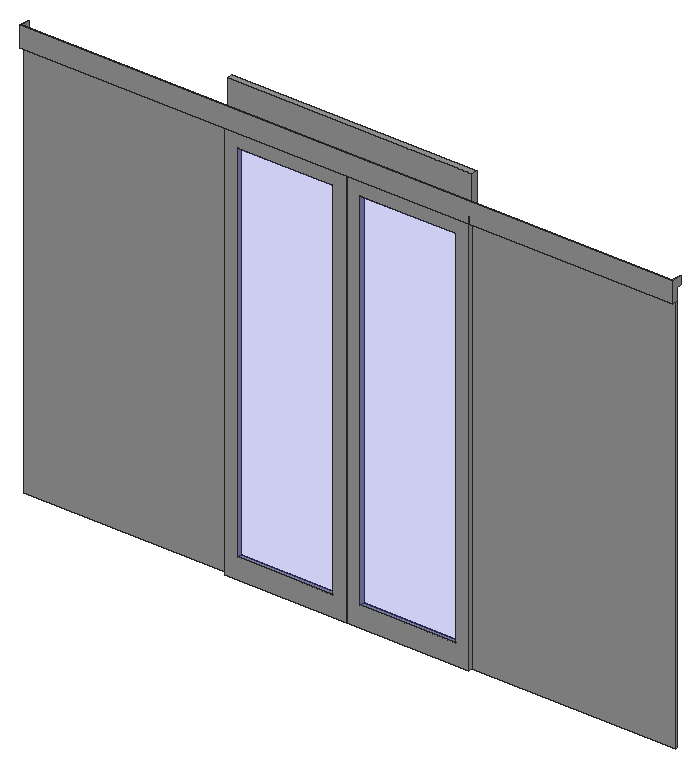
Revit family "ITK by ZPAS_Комплект дверей раздвижных_42U-47U_IP20", category Обобщенные модели, Revit 2019
Family settings
  Может служить основой для арматурных стержней = Нет
  Размер круглого соединителя = Использовать диаметр
  Тип детали = Нормальный
  На основе рабочей плоскости = Нет
  Всегда вертикально = Да
  При загрузке вырезать с полостями = Нет
  Общий = Нет
  Точка расчета площади = Нет
Parameters (values of type "В2000хГ1000_Серый_DL")
  Ширина = 1200 mm  # constant formula
  Степень защиты = "IP20"  # constant formula
  Материал = Окраска - RAL 7035
  Изготовитель = "ITK"  # constant formula
  Дата изменения = ""
  Глубина = 1000 mm
  Высота = 2000 mm
  URL = "https://www.iek.ru/"
  KSI_CPr_Строительные изделия = "61.1.04.08"  # constant formula
  KSI_CMa_Строительные материалы = "10.3.02.06"  # constant formula
  IEK_Цена за единицу = 376451.78
  IEK_Поиск в таблице имен = ""
  IEK_Описание = "Раздвижные двери холодного коридора: - стеклянные раздвижные двери с ручным приводом без замка; - раздвигаются на полную ширину коридора; - в комплекте с фальшпанелью крыши коридора и боковыми панелями шкафов."
  IEK_URL = "https://www.itk-group.ru/produktsiya/catalog/oborudovanie_telekommunikatsionnoe/kompleksnye_resheniya_dlya_tsod/shkafy_i_aksessuary_dlya_tsod/komplektuyushchie_i_aksessuary_dlya_shkafov_itk_by_zpas/dveri_kryshi_dlya_koridorov_itk_by_zpas/itk_by_zpas_komplekt_dverey_razdvizhnykh_kholodnogo_koridora_42u_1000mm_s_dovodchikom_na_nozhkakh_seryy"
  ADSK_Примечание = ""
  ADSK_Позиция [instance] = ""
  ADSK_Наименование = "ITK by ZPAS Компл. дв. раздв. 42U 1000 доводчик ножки серый"
  ADSK_Материал обозначение = ""
  ADSK_Материал наименование = "Листовая сталь"  # constant formula
  ADSK_Масса = 100
  ADSK_Марка = "by ZPAS "  # constant formula
  ADSK_Код изделия = "ZP-FD35-42U-1000-DL"
  ADSK_Завод-изготовитель = "IEK"  # constant formula
  ADSK_Единица измерения = "шт"  # constant formula
  ADSK_Группирование = "I. ЩИТЫ И ПУЛЬТЫ"  # constant formula
  ADSK_Версия семейства = "1.0"  # constant formula
  ADSK_Версия Revit = "2019"  # constant formula
  ADSK_URL страницы изделия = "https://www.itk-group.ru/produktsiya/catalog/oborudovanie_telekommunikatsionnoe/kompleksnye_resheniya_dlya_tsod/shkafy_i_aksessuary_dlya_tsod/komplektuyushchie_i_aksessuary_dlya_shkafov_itk_by_zpas/dveri_kryshi_dlya_koridorov_itk_by_zpas/?class_id=340&pagec=100"
Types (48, lengths in mm): name | Материал | Глубина | Высота | IEK_Цена за единицу | IEK_URL | ADSK_Наименование | ADSK_Масса | ADSK_Код изделия
  В2000хГ1000_Черный | Окраска - RAL 9005 | 1000 | 2000 | 279766.61 | "https://www.itk-group.ru/produktsiya/catalog/oborudovanie_telekommunikatsionnoe/kompleksnye_resheniya_dlya_tsod/shkafy_i_aksessuary_dlya_tsod/komplektuyushchie_i_aksessuary_dlya_shkafov_itk_by_zpas/dveri_kryshi_dlya_koridorov_itk_by_zpas/itk_by_zpas_komplekt_dverey_razdvizhnykh_kholodnogo_koridora_42u_1000mm_chernyy" | "ITK by ZPAS Компл. дв. раздв. 42U 1000 черный" | 100 | "ZP-FD05-42U-1000"
  В2000хГ1000_Черный_D | Окраска - RAL 9005 | 1000 | 2000 | 374383.84 | "https://www.itk-group.ru/produktsiya/catalog/oborudovanie_telekommunikatsionnoe/kompleksnye_resheniya_dlya_tsod/shkafy_i_aksessuary_dlya_tsod/komplektuyushchie_i_aksessuary_dlya_shkafov_itk_by_zpas/dveri_kryshi_dlya_koridorov_itk_by_zpas/itk_by_zpas_komplekt_dverey_razdvizhnykh_kholodnogo_koridora_42u_1000mm_s_dovodchikom_chernyy" | "ITK by ZPAS Компл. дв. раздв. 42U 1000 доводчик черный" | 100 | "ZP-FD05-42U-1000-D"
  В2000хГ1000_Черный_DL | Окраска - RAL 9005 | 1000 | 2000 | 377794.54 | "https://www.itk-group.ru/produktsiya/catalog/oborudovanie_telekommunikatsionnoe/kompleksnye_resheniya_dlya_tsod/shkafy_i_aksessuary_dlya_tsod/komplektuyushchie_i_aksessuary_dlya_shkafov_itk_by_zpas/dveri_kryshi_dlya_koridorov_itk_by_zpas/itk_by_zpas_komplekt_dverey_razdvizhnykh_kholodnogo_koridora_42u_1000mm_s_dovodchikom_na_nozhkakh_chernyy" | "ITK by ZPAS Компл. дв. раздв. 42U 1000 доводчик ножки черный" | 100 | "ZP-FD05-42U-1000-DL"
  В2000хГ1000_Черный_L | Окраска - RAL 9005 | 1000 | 2000 | 281817.61 | "https://www.itk-group.ru/produktsiya/catalog/oborudovanie_telekommunikatsionnoe/kompleksnye_resheniya_dlya_tsod/shkafy_i_aksessuary_dlya_tsod/komplektuyushchie_i_aksessuary_dlya_shkafov_itk_by_zpas/dveri_kryshi_dlya_koridorov_itk_by_zpas/itk_by_zpas_komplekt_dverey_razdvizhnykh_kholodnogo_koridora_42u_1000mm_na_nozhkakh_chernyy" | "ITK by ZPAS Компл. дв. раздв. 42U 1000 ножки черный" | 100 | "ZP-FD05-42U-1000-L"
  В2000хГ1200_Черный | Окраска - RAL 9005 | 1200 | 2000 | 283885.56 | "https://www.itk-group.ru/produktsiya/catalog/oborudovanie_telekommunikatsionnoe/kompleksnye_resheniya_dlya_tsod/shkafy_i_aksessuary_dlya_tsod/komplektuyushchie_i_aksessuary_dlya_shkafov_itk_by_zpas/dveri_kryshi_dlya_koridorov_itk_by_zpas/itk_by_zpas_komplekt_dverey_razdvizhnykh_kholodnogo_koridora_42u_1200mm_chernyy" | "ITK by ZPAS Компл. дв. раздв. 42U 1200 черный" | 100 | "ZP-FD05-42U-1200"
  В2000хГ1200_Черный_D | Окраска - RAL 9005 | 1200 | 2000 | 378502.78 | "https://www.itk-group.ru/produktsiya/catalog/oborudovanie_telekommunikatsionnoe/kompleksnye_resheniya_dlya_tsod/shkafy_i_aksessuary_dlya_tsod/komplektuyushchie_i_aksessuary_dlya_shkafov_itk_by_zpas/dveri_kryshi_dlya_koridorov_itk_by_zpas/itk_by_zpas_komplekt_dverey_razdvizhnykh_kholodnogo_koridora_42u_1200mm_s_dovodchikom_chernyy" | "ITK by ZPAS Компл. дв. раздв. 42U 1200 доводчик черный" | 100 | "ZP-FD05-42U-1200-D"
  В2000хГ1200_Черный_DL | Окраска - RAL 9005 | 1200 | 2000 | 385229.32 | "https://www.itk-group.ru/produktsiya/catalog/oborudovanie_telekommunikatsionnoe/kompleksnye_resheniya_dlya_tsod/shkafy_i_aksessuary_dlya_tsod/komplektuyushchie_i_aksessuary_dlya_shkafov_itk_by_zpas/dveri_kryshi_dlya_koridorov_itk_by_zpas/itk_by_zpas_komplekt_dverey_razdvizhnykh_kholodnogo_koridora_42u_1200mm_s_dovodchikom_na_nozhkakh_chernyy" | "ITK by ZPAS Компл. дв. раздв. 42U 1200 доводчик ножки черный" | 100 | "ZP-FD05-42U-1200-DL"
  В2000хГ1200_Черный_L | Окраска - RAL 9005 | 1200 | 2000 | 285936.56 | "https://www.itk-group.ru/produktsiya/catalog/oborudovanie_telekommunikatsionnoe/kompleksnye_resheniya_dlya_tsod/shkafy_i_aksessuary_dlya_tsod/komplektuyushchie_i_aksessuary_dlya_shkafov_itk_by_zpas/dveri_kryshi_dlya_koridorov_itk_by_zpas/itk_by_zpas_komplekt_dverey_razdvizhnykh_kholodnogo_koridora_42u_1200mm_na_nozhkakh_chernyy" | "ITK by ZPAS Компл. дв. раздв. 42U 1200 ножки черный" | 100 | "ZP-FD05-42U-1200-L"
  В2120хГ1000_Черный | Окраска - RAL 9005 | 1000 | 2120 | 285936.56 | "https://www.itk-group.ru/produktsiya/catalog/oborudovanie_telekommunikatsionnoe/kompleksnye_resheniya_dlya_tsod/shkafy_i_aksessuary_dlya_tsod/komplektuyushchie_i_aksessuary_dlya_shkafov_itk_by_zpas/dveri_kryshi_dlya_koridorov_itk_by_zpas/itk_by_zpas_komplekt_dverey_razdvizhnykh_kholodnogo_koridora_45u_1000mm_chernyy" | "ITK by ZPAS Компл. дв. раздв. 45U 1000 черный" | 105 | "ZP-FD05-45U-1000"
  В2120хГ1000_Черный_D | Окраска - RAL 9005 | 1000 | 2120 | 382621.73 | "https://www.itk-group.ru/produktsiya/catalog/oborudovanie_telekommunikatsionnoe/kompleksnye_resheniya_dlya_tsod/shkafy_i_aksessuary_dlya_tsod/komplektuyushchie_i_aksessuary_dlya_shkafov_itk_by_zpas/dveri_kryshi_dlya_koridorov_itk_by_zpas/itk_by_zpas_komplekt_dverey_razdvizhnykh_kholodnogo_koridora_45u_1000mm_s_dovodchikom_chernyy" | "ITK by ZPAS Компл. дв. раздв. 45U 1000 доводчик черный" | 105 | "ZP-FD05-45U-1000-D"
  В2120хГ1000_Черный_DL | Окраска - RAL 9005 | 1000 | 2120 | 384672.73 | "https://www.itk-group.ru/produktsiya/catalog/oborudovanie_telekommunikatsionnoe/kompleksnye_resheniya_dlya_tsod/shkafy_i_aksessuary_dlya_tsod/komplektuyushchie_i_aksessuary_dlya_shkafov_itk_by_zpas/dveri_kryshi_dlya_koridorov_itk_by_zpas/itk_by_zpas_komplekt_dverey_razdvizhnykh_kholodnogo_koridora_45u_1000mm_s_dovodchikom_na_nozhkakh_chernyy" | "ITK by ZPAS Компл. дв. раздв. 45U 1000 доводчик ножки черный" | 105 | "ZP-FD05-45U-1000-DL"
  В2120хГ1000_Черный_L | Окраска - RAL 9005 | 1000 | 2120 | 287987.56 | "https://www.itk-group.ru/produktsiya/catalog/oborudovanie_telekommunikatsionnoe/kompleksnye_resheniya_dlya_tsod/shkafy_i_aksessuary_dlya_tsod/komplektuyushchie_i_aksessuary_dlya_shkafov_itk_by_zpas/dveri_kryshi_dlya_koridorov_itk_by_zpas/itk_by_zpas_komplekt_dverey_razdvizhnykh_kholodnogo_koridora_45u_1000mm_na_nozhkakh_chernyy" | "ITK by ZPAS Компл. дв. раздв. 45U 1000 ножки черный" | 105 | "ZP-FD05-45U-1000-L"
  В2120хГ1200_Черный | Окраска - RAL 9005 | 1200 | 2120 | 292106.51 | "https://www.itk-group.ru/produktsiya/catalog/oborudovanie_telekommunikatsionnoe/kompleksnye_resheniya_dlya_tsod/shkafy_i_aksessuary_dlya_tsod/komplektuyushchie_i_aksessuary_dlya_shkafov_itk_by_zpas/dveri_kryshi_dlya_koridorov_itk_by_zpas/itk_by_zpas_komplekt_dverey_razdvizhnykh_kholodnogo_koridora_45u_1200mm_chernyy" | "ITK by ZPAS Компл. дв. раздв. 45U 1200 черный" | 105 | "ZP-FD05-45U-1200"
  В2120хГ1200_Черный_D | Окраска - RAL 9005 | 1200 | 2120 | 388791.68 | "https://www.itk-group.ru/produktsiya/catalog/oborudovanie_telekommunikatsionnoe/kompleksnye_resheniya_dlya_tsod/shkafy_i_aksessuary_dlya_tsod/komplektuyushchie_i_aksessuary_dlya_shkafov_itk_by_zpas/dveri_kryshi_dlya_koridorov_itk_by_zpas/itk_by_zpas_komplekt_dverey_razdvizhnykh_kholodnogo_koridora_45u_1200mm_s_dovodchikom_chernyy" | "ITK by ZPAS Компл. дв. раздв. 45U 1200 доводчик черный" | 105 | "ZP-FD05-45U-1200-D"
  В2120хГ1200_Черный_DL | Окраска - RAL 7035 | 1200 | 2120 | 396997.69 | "https://www.itk-group.ru/produktsiya/catalog/oborudovanie_telekommunikatsionnoe/kompleksnye_resheniya_dlya_tsod/shkafy_i_aksessuary_dlya_tsod/komplektuyushchie_i_aksessuary_dlya_shkafov_itk_by_zpas/dveri_kryshi_dlya_koridorov_itk_by_zpas/itk_by_zpas_komplekt_dverey_razdvizhnykh_kholodnogo_koridora_45u_1200mm_s_dovodchikom_na_nozhkakh_chernyy" | "ITK by ZPAS Компл. дв. раздв. 45U 1200 доводчик ножки черный" | 105 | "ZP-FD05-45U-1200-DL"
  В2120хГ1200_Черный_L | Окраска - RAL 9005 | 1200 | 2120 | 294157.51 | "https://www.itk-group.ru/produktsiya/catalog/oborudovanie_telekommunikatsionnoe/kompleksnye_resheniya_dlya_tsod/shkafy_i_aksessuary_dlya_tsod/komplektuyushchie_i_aksessuary_dlya_shkafov_itk_by_zpas/dveri_kryshi_dlya_koridorov_itk_by_zpas/itk_by_zpas_komplekt_dverey_razdvizhnykh_kholodnogo_koridora_45u_1200mm_na_nozhkakh_chernyy" | "ITK by ZPAS Компл. дв. раздв. 45U 1200 ножки черный" | 105 | "ZP-FD05-45U-1200-L"
  В2200хГ1000_Черный | Окраска - RAL 9005 | 1000 | 2200 | 292106.51 | "https://www.itk-group.ru/produktsiya/catalog/oborudovanie_telekommunikatsionnoe/kompleksnye_resheniya_dlya_tsod/shkafy_i_aksessuary_dlya_tsod/komplektuyushchie_i_aksessuary_dlya_shkafov_itk_by_zpas/dveri_kryshi_dlya_koridorov_itk_by_zpas/itk_by_zpas_komplekt_dverey_razdvizhnykh_kholodnogo_koridora_47u_1000mm_chernyy" | "ITK by ZPAS Компл. дв. раздв. 47U 1000 черный" | 110 | "ZP-FD05-47U-1000"
  В2200хГ1000_Черный_D | Окраска - RAL 9005 | 1000 | 2200 | 390842.68 | "https://www.itk-group.ru/produktsiya/catalog/oborudovanie_telekommunikatsionnoe/kompleksnye_resheniya_dlya_tsod/shkafy_i_aksessuary_dlya_tsod/komplektuyushchie_i_aksessuary_dlya_shkafov_itk_by_zpas/dveri_kryshi_dlya_koridorov_itk_by_zpas/itk_by_zpas_komplekt_dverey_razdvizhnykh_kholodnogo_koridora_47u_1000mm_s_dovodchikom_chernyy" | "ITK by ZPAS Компл. дв. раздв. 47U 1000 доводчик черный" | 110 | "ZP-FD05-47U-1000-D"
  В2200хГ1000_Черный_DL | Окраска - RAL 9005 | 1000 | 2200 | 392910.64 | "https://www.itk-group.ru/produktsiya/catalog/oborudovanie_telekommunikatsionnoe/kompleksnye_resheniya_dlya_tsod/shkafy_i_aksessuary_dlya_tsod/komplektuyushchie_i_aksessuary_dlya_shkafov_itk_by_zpas/dveri_kryshi_dlya_koridorov_itk_by_zpas/itk_by_zpas_komplekt_dverey_razdvizhnykh_kholodnogo_koridora_47u_1000mm_s_dovodchikom_na_nozhkakh_chernyy" | "ITK by ZPAS Компл. дв. раздв. 47U 1000 доводчик ножки черный" | 110 | "ZP-FD05-47U-1000-DL"
  В2200хГ1000_Черный_L | Окраска - RAL 9005 | 1000 | 2200 | 294157.51 | "https://www.itk-group.ru/produktsiya/catalog/oborudovanie_telekommunikatsionnoe/kompleksnye_resheniya_dlya_tsod/shkafy_i_aksessuary_dlya_tsod/komplektuyushchie_i_aksessuary_dlya_shkafov_itk_by_zpas/dveri_kryshi_dlya_koridorov_itk_by_zpas/itk_by_zpas_komplekt_dverey_razdvizhnykh_kholodnogo_koridora_47u_1000mm_na_nozhkakh_chernyy" | "ITK by ZPAS Компл. дв. раздв. 47U 1000 ножки черный" | 110 | "ZP-FD05-47U-1000-L"
  В2200хГ1200_Черный | Окраска - RAL 9005 | 1200 | 2200 | 298276.46 | "https://www.itk-group.ru/produktsiya/catalog/oborudovanie_telekommunikatsionnoe/kompleksnye_resheniya_dlya_tsod/shkafy_i_aksessuary_dlya_tsod/komplektuyushchie_i_aksessuary_dlya_shkafov_itk_by_zpas/dveri_kryshi_dlya_koridorov_itk_by_zpas/itk_by_zpas_komplekt_dverey_razdvizhnykh_kholodnogo_koridora_47u_1200mm_chernyy" | "ITK by ZPAS Компл. дв. раздв. 47U 1200 черный" | 110 | "ZP-FD05-47U-1200"
  В2200хГ1200_Черный_D | Окраска - RAL 9005 | 1200 | 2200 | 397012.64 | "https://www.itk-group.ru/produktsiya/catalog/oborudovanie_telekommunikatsionnoe/kompleksnye_resheniya_dlya_tsod/shkafy_i_aksessuary_dlya_tsod/komplektuyushchie_i_aksessuary_dlya_shkafov_itk_by_zpas/dveri_kryshi_dlya_koridorov_itk_by_zpas/itk_by_zpas_komplekt_dverey_razdvizhnykh_kholodnogo_koridora_47u_1200mm_s_dovodchikom_chernyy" | "ITK by ZPAS Компл. дв. раздв. 47U 1200 доводчик черный" | 110 | "ZP-FD05-47U-1200-D"
  В2200хГ1200_Черный_DL | Окраска - RAL 9005 | 1200 | 2200 | 405365.32 | "https://www.itk-group.ru/produktsiya/catalog/oborudovanie_telekommunikatsionnoe/kompleksnye_resheniya_dlya_tsod/shkafy_i_aksessuary_dlya_tsod/komplektuyushchie_i_aksessuary_dlya_shkafov_itk_by_zpas/dveri_kryshi_dlya_koridorov_itk_by_zpas/itk_by_zpas_komplekt_dverey_razdvizhnykh_kholodnogo_koridora_47u_1200mm_s_dovodchikom_na_nozhkakh_chernyy" | "ITK by ZPAS Компл. дв. раздв. 47U 1200 доводчик ножки черный" | 110 | "ZP-FD05-47U-1200-DL"
  В2200хГ1200_Черный_L | Окраска - RAL 9005 | 1200 | 2200 | 300327.47 | "https://www.itk-group.ru/produktsiya/catalog/oborudovanie_telekommunikatsionnoe/kompleksnye_resheniya_dlya_tsod/shkafy_i_aksessuary_dlya_tsod/komplektuyushchie_i_aksessuary_dlya_shkafov_itk_by_zpas/dveri_kryshi_dlya_koridorov_itk_by_zpas/itk_by_zpas_komplekt_dverey_razdvizhnykh_kholodnogo_koridora_47u_1200mm_na_nozhkakh_chernyy" | "ITK by ZPAS Компл. дв. раздв. 47U 1200 ножки черный" | 110 | "ZP-FD05-47U-1200-L"
  В2000хГ1000_Серый | Окраска - RAL 7035 | 1000 | 2000 | 279766.61 | "https://www.itk-group.ru/produktsiya/catalog/oborudovanie_telekommunikatsionnoe/kompleksnye_resheniya_dlya_tsod/shkafy_i_aksessuary_dlya_tsod/komplektuyushchie_i_aksessuary_dlya_shkafov_itk_by_zpas/dveri_kryshi_dlya_koridorov_itk_by_zpas/itk_by_zpas_komplekt_dverey_razdvizhnykh_kholodnogo_koridora_42u_1000mm_seryy" | "ITK by ZPAS Компл. дв. раздв. 42U 1000 серый" | 100 | "ZP-FD35-42U-1000"
  В2000хГ1000_Серый_D | Окраска - RAL 7035 | 1000 | 2000 | 374383.84 | "https://www.itk-group.ru/produktsiya/catalog/oborudovanie_telekommunikatsionnoe/kompleksnye_resheniya_dlya_tsod/shkafy_i_aksessuary_dlya_tsod/komplektuyushchie_i_aksessuary_dlya_shkafov_itk_by_zpas/dveri_kryshi_dlya_koridorov_itk_by_zpas/itk_by_zpas_komplekt_dverey_razdvizhnykh_kholodnogo_koridora_42u_1000mm_s_dovodchikom_seryy" | "ITK by ZPAS Компл. дв. раздв. 42U 1000 доводчик серый" | 100 | "ZP-FD35-42U-1000-D"
  В2000хГ1000_Серый_DL | Окраска - RAL 7035 | 1000 | 2000 | 376451.78 | "https://www.itk-group.ru/produktsiya/catalog/oborudovanie_telekommunikatsionnoe/kompleksnye_resheniya_dlya_tsod/shkafy_i_aksessuary_dlya_tsod/komplektuyushchie_i_aksessuary_dlya_shkafov_itk_by_zpas/dveri_kryshi_dlya_koridorov_itk_by_zpas/itk_by_zpas_komplekt_dverey_razdvizhnykh_kholodnogo_koridora_42u_1000mm_s_dovodchikom_na_nozhkakh_seryy" | "ITK by ZPAS Компл. дв. раздв. 42U 1000 доводчик ножки серый" | 100 | "ZP-FD35-42U-1000-DL"
  В2000хГ1000_Серый_L | Окраска - RAL 7035 | 1000 | 2000 | 281817.61 | "https://www.itk-group.ru/produktsiya/catalog/oborudovanie_telekommunikatsionnoe/kompleksnye_resheniya_dlya_tsod/shkafy_i_aksessuary_dlya_tsod/komplektuyushchie_i_aksessuary_dlya_shkafov_itk_by_zpas/dveri_kryshi_dlya_koridorov_itk_by_zpas/itk_by_zpas_komplekt_dverey_razdvizhnykh_kholodnogo_koridora_42u_1000mm_na_nozhkakh_seryy" | "ITK by ZPAS Компл. дв. раздв. 42U 1000 ножки серый" | 100 | "ZP-FD35-42U-1000-L"
  В2000хГ1200_Серый | Окраска - RAL 7035 | 1200 | 2000 | 283885.56 | "https://www.itk-group.ru/produktsiya/catalog/oborudovanie_telekommunikatsionnoe/kompleksnye_resheniya_dlya_tsod/shkafy_i_aksessuary_dlya_tsod/komplektuyushchie_i_aksessuary_dlya_shkafov_itk_by_zpas/dveri_kryshi_dlya_koridorov_itk_by_zpas/itk_by_zpas_komplekt_dverey_razdvizhnykh_kholodnogo_koridora_42u_1200mm_seryy" | "ITK by ZPAS Компл. дв. раздв. 42U 1200 серый" | 100 | "ZP-FD35-42U-1200"
  В2000хГ1200_Серый_D | Окраска - RAL 7035 | 1200 | 2000 | 378502.78 | "https://www.itk-group.ru/produktsiya/catalog/oborudovanie_telekommunikatsionnoe/kompleksnye_resheniya_dlya_tsod/shkafy_i_aksessuary_dlya_tsod/komplektuyushchie_i_aksessuary_dlya_shkafov_itk_by_zpas/dveri_kryshi_dlya_koridorov_itk_by_zpas/itk_by_zpas_komplekt_dverey_razdvizhnykh_kholodnogo_koridora_42u_1200mm_s_dovodchikom_seryy" | "ITK by ZPAS Компл. дв. раздв. 42U 1200 доводчик серый" | 100 | "ZP-FD35-42U-1200-D"
  В2000хГ1200_Серый_DL | Окраска - RAL 7035 | 1200 | 2000 | 386546.76 | "https://www.itk-group.ru/produktsiya/catalog/oborudovanie_telekommunikatsionnoe/kompleksnye_resheniya_dlya_tsod/shkafy_i_aksessuary_dlya_tsod/komplektuyushchie_i_aksessuary_dlya_shkafov_itk_by_zpas/dveri_kryshi_dlya_koridorov_itk_by_zpas/itk_by_zpas_komplekt_dverey_razdvizhnykh_kholodnogo_koridora_42u_1200mm_s_dovodchikom_na_nozhkakh_seryy" | "ITK by ZPAS Компл. дв. раздв. 42U 1200 доводчик ножки серый" | 100 | "ZP-FD35-42U-1200-DL"
  В2000хГ1200_Серый_L | Окраска - RAL 7035 | 1200 | 2000 | 285936.56 | "https://www.itk-group.ru/produktsiya/catalog/oborudovanie_telekommunikatsionnoe/kompleksnye_resheniya_dlya_tsod/shkafy_i_aksessuary_dlya_tsod/komplektuyushchie_i_aksessuary_dlya_shkafov_itk_by_zpas/dveri_kryshi_dlya_koridorov_itk_by_zpas/itk_by_zpas_komplekt_dverey_razdvizhnykh_kholodnogo_koridora_42u_1200mm_na_nozhkakh_seryy" | "ITK by ZPAS Компл. дв. раздв. 42U 1200 ножки серый" | 100 | "ZP-FD35-42U-1200-L"
  В2120хГ1000_Серый | Окраска - RAL 7035 | 1000 | 2120 | 285936.56 | "https://www.itk-group.ru/produktsiya/catalog/oborudovanie_telekommunikatsionnoe/kompleksnye_resheniya_dlya_tsod/shkafy_i_aksessuary_dlya_tsod/komplektuyushchie_i_aksessuary_dlya_shkafov_itk_by_zpas/dveri_kryshi_dlya_koridorov_itk_by_zpas/itk_by_zpas_komplekt_dverey_razdvizhnykh_kholodnogo_koridora_45u_1000mm_seryy" | "ITK by ZPAS Компл. дв. раздв. 45U 1000 серый" | 105 | "ZP-FD35-45U-1000"
  В2120хГ1000_Серый_D | Окраска - RAL 7035 | 1000 | 2120 | 382621.73 | "https://www.itk-group.ru/produktsiya/catalog/oborudovanie_telekommunikatsionnoe/kompleksnye_resheniya_dlya_tsod/shkafy_i_aksessuary_dlya_tsod/komplektuyushchie_i_aksessuary_dlya_shkafov_itk_by_zpas/dveri_kryshi_dlya_koridorov_itk_by_zpas/itk_by_zpas_komplekt_dverey_razdvizhnykh_kholodnogo_koridora_45u_1000mm_s_dovodchikom_seryy" | "ITK by ZPAS Компл. дв. раздв. 45U 1000 доводчик серый" | 105 | "ZP-FD35-45U-1000-D"
  В2120хГ1000_Серый_DL | Окраска - RAL 7035 | 1000 | 2120 | 384672.73 | "https://www.itk-group.ru/produktsiya/catalog/oborudovanie_telekommunikatsionnoe/kompleksnye_resheniya_dlya_tsod/shkafy_i_aksessuary_dlya_tsod/komplektuyushchie_i_aksessuary_dlya_shkafov_itk_by_zpas/dveri_kryshi_dlya_koridorov_itk_by_zpas/itk_by_zpas_komplekt_dverey_razdvizhnykh_kholodnogo_koridora_45u_1000mm_s_dovodchikom_na_nozhkakh_seryy" | "ITK by ZPAS Компл. дв. раздв. 45U 1000 доводчик ножки серый" | 105 | "ZP-FD35-45U-1000-DL"
  В2120хГ1000_Серый_L | Окраска - RAL 7035 | 1000 | 2120 | 287987.56 | "https://www.itk-group.ru/produktsiya/catalog/oborudovanie_telekommunikatsionnoe/kompleksnye_resheniya_dlya_tsod/shkafy_i_aksessuary_dlya_tsod/komplektuyushchie_i_aksessuary_dlya_shkafov_itk_by_zpas/dveri_kryshi_dlya_koridorov_itk_by_zpas/itk_by_zpas_komplekt_dverey_razdvizhnykh_kholodnogo_koridora_45u_1000mm_na_nozhkakh_seryy" | "ITK by ZPAS Компл. дв. раздв. 45U 1000 ножки серый" | 105 | "ZP-FD35-45U-1000-L"
  В2120хГ1200_Серый | Окраска - RAL 7035 | 1200 | 2120 | 292106.51 | "https://www.itk-group.ru/produktsiya/catalog/oborudovanie_telekommunikatsionnoe/kompleksnye_resheniya_dlya_tsod/shkafy_i_aksessuary_dlya_tsod/komplektuyushchie_i_aksessuary_dlya_shkafov_itk_by_zpas/dveri_kryshi_dlya_koridorov_itk_by_zpas/itk_by_zpas_komplekt_dverey_razdvizhnykh_kholodnogo_koridora_45u_1200mm_seryy" | "ITK by ZPAS Компл. дв. раздв. 45U 1200 серый" | 105 | "ZP-FD35-45U-1200"
  В2120хГ1200_Серый_D | Окраска - RAL 7035 | 1200 | 2120 | 388791.68 | "https://www.itk-group.ru/produktsiya/catalog/oborudovanie_telekommunikatsionnoe/kompleksnye_resheniya_dlya_tsod/shkafy_i_aksessuary_dlya_tsod/komplektuyushchie_i_aksessuary_dlya_shkafov_itk_by_zpas/dveri_kryshi_dlya_koridorov_itk_by_zpas/itk_by_zpas_komplekt_dverey_razdvizhnykh_kholodnogo_koridora_45u_1200mm_s_dovodchikom_seryy" | "ITK by ZPAS Компл. дв. раздв. 45U 1200 доводчик серый" | 105 | "ZP-FD35-45U-1200-D"
  В2120хГ1200_Серый_DL | Окраска - RAL 7035 | 1200 | 2120 | 396997.69 | "https://www.itk-group.ru/produktsiya/catalog/oborudovanie_telekommunikatsionnoe/kompleksnye_resheniya_dlya_tsod/shkafy_i_aksessuary_dlya_tsod/komplektuyushchie_i_aksessuary_dlya_shkafov_itk_by_zpas/dveri_kryshi_dlya_koridorov_itk_by_zpas/itk_by_zpas_komplekt_dverey_razdvizhnykh_kholodnogo_koridora_45u_1200mm_s_dovodchikom_na_nozhkakh_seryy" | "ITK by ZPAS Компл. дв. раздв. 45U 1200 доводчик ножки серый" | 105 | "ZP-FD35-45U-1200-DL"
  В2120хГ1200_Серый_L | Окраска - RAL 7035 | 1200 | 2120 | 294157.51 | "https://www.itk-group.ru/produktsiya/catalog/oborudovanie_telekommunikatsionnoe/kompleksnye_resheniya_dlya_tsod/shkafy_i_aksessuary_dlya_tsod/komplektuyushchie_i_aksessuary_dlya_shkafov_itk_by_zpas/dveri_kryshi_dlya_koridorov_itk_by_zpas/itk_by_zpas_komplekt_dverey_razdvizhnykh_kholodnogo_koridora_45u_1200mm_na_nozhkakh_seryy" | "ITK by ZPAS Компл. дв. раздв. 45U 1200 ножки серый" | 105 | "ZP-FD35-45U-1200-L"
  В2200хГ1000_Серый | Окраска - RAL 7035 | 1000 | 2200 | 292106.51 | "https://www.itk-group.ru/produktsiya/catalog/oborudovanie_telekommunikatsionnoe/kompleksnye_resheniya_dlya_tsod/shkafy_i_aksessuary_dlya_tsod/komplektuyushchie_i_aksessuary_dlya_shkafov_itk_by_zpas/dveri_kryshi_dlya_koridorov_itk_by_zpas/itk_by_zpas_komplekt_dverey_razdvizhnykh_kholodnogo_koridora_47u_1000mm_seryy" | "ITK by ZPAS Компл. дв. раздв. 47U 1000 серый" | 110 | "ZP-FD35-47U-1000"
  В2200хГ1000_Серый_D | Окраска - RAL 7035 | 1000 | 2200 | 390842.68 | "https://www.itk-group.ru/produktsiya/catalog/oborudovanie_telekommunikatsionnoe/kompleksnye_resheniya_dlya_tsod/shkafy_i_aksessuary_dlya_tsod/komplektuyushchie_i_aksessuary_dlya_shkafov_itk_by_zpas/dveri_kryshi_dlya_koridorov_itk_by_zpas/itk_by_zpas_komplekt_dverey_razdvizhnykh_kholodnogo_koridora_47u_1000mm_s_dovodchikom_seryy" | "ITK by ZPAS Компл. дв. раздв. 47U 1000 доводчик серый" | 110 | "ZP-FD35-47U-1000-D"
  В2200хГ1000_Серый_DL | Окраска - RAL 7035 | 1000 | 2200 | 392910.64 | "https://www.itk-group.ru/produktsiya/catalog/oborudovanie_telekommunikatsionnoe/kompleksnye_resheniya_dlya_tsod/shkafy_i_aksessuary_dlya_tsod/komplektuyushchie_i_aksessuary_dlya_shkafov_itk_by_zpas/dveri_kryshi_dlya_koridorov_itk_by_zpas/itk_by_zpas_komplekt_dverey_razdvizhnykh_kholodnogo_koridora_47u_1000mm_s_dovodchikom_na_nozhkakh_seryy" | "ITK by ZPAS Компл. дв. раздв. 47U 1000 доводчик ножки серый" | 110 | "ZP-FD35-47U-1000-DL"
  В2200хГ1000_Серый_L | Окраска - RAL 7035 | 1000 | 2200 | 294157.51 | "https://www.itk-group.ru/produktsiya/catalog/oborudovanie_telekommunikatsionnoe/kompleksnye_resheniya_dlya_tsod/shkafy_i_aksessuary_dlya_tsod/komplektuyushchie_i_aksessuary_dlya_shkafov_itk_by_zpas/dveri_kryshi_dlya_koridorov_itk_by_zpas/itk_by_zpas_komplekt_dverey_razdvizhnykh_kholodnogo_koridora_47u_1000mm_na_nozhkakh_seryy" | "ITK by ZPAS Компл. дв. раздв. 47U 1000 ножки серый" | 110 | "ZP-FD35-47U-1000-L"
  В2200хГ1200_Серый | Окраска - RAL 7035 | 1200 | 2200 | 298276.46 | "https://www.itk-group.ru/produktsiya/catalog/oborudovanie_telekommunikatsionnoe/kompleksnye_resheniya_dlya_tsod/shkafy_i_aksessuary_dlya_tsod/komplektuyushchie_i_aksessuary_dlya_shkafov_itk_by_zpas/dveri_kryshi_dlya_koridorov_itk_by_zpas/itk_by_zpas_komplekt_dverey_razdvizhnykh_kholodnogo_koridora_47u_1200mm_seryy" | "ITK by ZPAS Компл. дв. раздв. 47U 1200 серый" | 110 | "ZP-FD35-47U-1200"
  В2200хГ1200_Серый_D | Окраска - RAL 7035 | 1200 | 2200 | 397012.64 | "https://www.itk-group.ru/produktsiya/catalog/oborudovanie_telekommunikatsionnoe/kompleksnye_resheniya_dlya_tsod/shkafy_i_aksessuary_dlya_tsod/komplektuyushchie_i_aksessuary_dlya_shkafov_itk_by_zpas/dveri_kryshi_dlya_koridorov_itk_by_zpas/itk_by_zpas_komplekt_dverey_razdvizhnykh_kholodnogo_koridora_47u_1200mm_s_dovodchikom_seryy" | "ITK by ZPAS Компл. дв. раздв. 47U 1200 доводчик серый" | 110 | "ZP-FD35-47U-1200-D"
  В2200хГ1200_Серый_DL | Окраска - RAL 7035 | 1200 | 2200 | 405365.32 | "https://www.itk-group.ru/produktsiya/catalog/oborudovanie_telekommunikatsionnoe/kompleksnye_resheniya_dlya_tsod/shkafy_i_aksessuary_dlya_tsod/komplektuyushchie_i_aksessuary_dlya_shkafov_itk_by_zpas/dveri_kryshi_dlya_koridorov_itk_by_zpas/itk_by_zpas_komplekt_dverey_razdvizhnykh_kholodnogo_koridora_47u_1200mm_s_dovodchikom_na_nozhkakh_seryy" | "ITK by ZPAS Компл. дв. раздв. 47U 1200 доводчик ножки серый" | 110 | "ZP-FD35-47U-1200-DL"
  В2200хГ1200_Серый_L | Окраска - RAL 7035 | 1200 | 2200 | 300327.47 | "https://www.itk-group.ru/produktsiya/catalog/oborudovanie_telekommunikatsionnoe/kompleksnye_resheniya_dlya_tsod/shkafy_i_aksessuary_dlya_tsod/komplektuyushchie_i_aksessuary_dlya_shkafov_itk_by_zpas/dveri_kryshi_dlya_koridorov_itk_by_zpas/itk_by_zpas_komplekt_dverey_razdvizhnykh_kholodnogo_koridora_47u_1200mm_na_nozhkakh_seryy" | "ITK by ZPAS Компл. дв. раздв. 47U 1200 ножки серый" | 110 | "ZP-FD35-47U-1200-L"
Reference planes
  plane 1 "По центру (Вперед/Назад)": y = 0
  plane 2: z = 0
  plane 3 "По центру (Влево/Вправо)": x = 0
  plane 4: x = -600
  plane 5: x = 600
  plane 6: z = 2000
  plane 7: x = 600
  plane 8: x = -1600
  plane 9: x = 1600
  plane 10: z = 2064.022
  plane 11: z = 2174.022
Forms (mm)
  Extrusion 1, solid, material "Окраска - RAL 7035" <- "Материал", detail levels fine
    sketch origin (0, 0, 0) x (1, 0, 0) y (0, 0, 1)
      loop
        line (-600, 2000) -> (-600, 0) -> (0, 0) -> (0, 2000) -> (-600, 2000)
      loop
        line (-533.96, 100) -> (-66.04, 100) -> (-66.04, 1900) -> (-533.96, 1900) -> (-533.96, 100)
    from 0 to 20
  Extrusion 2, solid, material "Стекло", detail levels fine
    sketch origin (0, 0, 0) x (1, 0, 0) y (0, 0, 1)
      loop
        line (-533.96, 100) -> (-66.04, 100) -> (-66.04, 1900) -> (-533.96, 1900) -> (-533.96, 100)
    from 0 to 20
  Extrusion 3, solid, material "Окраска - RAL 7035" <- "Материал", detail levels fine
    sketch origin (0, 0, 0) x (-1, 0, 0) y (0, 0, -1)
      loop
        line (-600, -2000) -> (0, -2000) -> (0, 0) -> (-600, 0) -> (-600, -2000)
      loop
        line (-533.96, -100) -> (-533.96, -1900) -> (-66.04, -1900) -> (-66.04, -100) -> (-533.96, -100)
    from 0 to 20
  Extrusion 4, solid, material "Стекло", detail levels fine
    sketch origin (0, 0, 0) x (-1, 0, 0) y (0, 0, -1)
      loop
        line (-533.96, -100) -> (-533.96, -1900) -> (-66.04, -1900) -> (-66.04, -100) -> (-533.96, -100)
    from 0 to 20
  Extrusion 5, solid, material "Окраска - RAL 7035" <- "Материал", detail levels fine
    sketch origin (0, 0, 0) x (1, 0, 0) y (0, 0, 1)
      loop
        line (-1600, 2000) -> (-1600, 0) -> (-600, 0) -> (-600, 2000) -> (-1600, 2000)
      loop
        line (1600, 2000) -> (600, 2000) -> (600, 0) -> (1600, 0) -> (1600, 2000)
    from 0 to -2
  Extrusion 6, solid, material "Окраска - RAL 7035" <- "Материал", detail levels fine
    sketch origin (0, 0, 0) x (0, 1, 0) y (0, 0, 1)
      loop
        line (27, 2064.022) -> (-23, 2064.022) -> (-23, 1964.022) -> (2, 1964.022) -> (2, 2024.022) -> (27, 2024.022) -> (27, 2064.022)
    from 1600 to -1600
  Extrusion 7, void
    sketch origin (0, 0, 0) x (1, 0, 0) y (0, 1, 0)
      loop
        line (-1595.125, 27) -> (-1595.125, -18.358) -> (1595.125, -18.358) -> (1595.125, 27) -> (-1595.125, 27)
    from 2024.022 to 2064.022
  Extrusion 8, solid, material "Окраска - RAL 7035" <- "Материал", detail levels fine
    sketch origin (0, 0, 0) x (1, 0, 0) y (0, 0, 1)
      loop
        line (-600, 2174.022) -> (-600, 2024.022) -> (600, 2024.022) -> (600, 2174.022) -> (-600, 2174.022)
    from 0 to -27
  Extrusion 9, solid, material "Условный материал-отделка", detail levels coarse+medium
    sketch origin (0, 0, 0) x (1, 0, 0) y (0, 1, 0)
      loop
        line (-1600, 27) -> (-1600, -23) -> (1600, -23) -> (1600, 27) -> (-1600, 27)
    from 0 to 2174.022
Cuts and joins
  Extrusion 7 cuts Extrusion 1
  Extrusion 7 cuts Extrusion 2
  Extrusion 7 cuts Extrusion 3
  Extrusion 7 cuts Extrusion 4
  Extrusion 7 cuts Extrusion 5
  Extrusion 7 cuts Extrusion 6
Dimensions and locks
  equal spacing: plane 4, plane 3 "По центру (Влево/Вправо)", plane 5
  "Ширина": plane 4 to plane 5
  "Высота": plane 6 to level
  equal spacing: plane 9, plane 3 "По центру (Влево/Вправо)", plane 8
  "Глубина": plane 4 to plane 8
  cut or joined group of Extrusion 6, Extrusion 7 to cut or joined group of Extrusion 6, Extrusion 7 to plane 10 = 60 mm locked, 40 mm locked
  locked: plane 10 to plane 6 at 64.022
  locked: plane 11 to plane 10 at 110
  aligned and locked: level to plane 2
  aligned and locked: Extrusion 1 sketch curve to plane 4
  aligned and locked: Extrusion 1 sketch curve to plane 6
  aligned and locked: Extrusion 1 sketch curve to plane 3 "По центру (Влево/Вправо)"
  aligned and locked: Extrusion 1 sketch curve to level
  aligned and locked: Extrusion 2 sketch curve to Extrusion 1  (x4)
  aligned and locked: plane 7 to Extrusion 3 sketch curve
  aligned and locked: Extrusion 4 sketch curve to Extrusion 3  (x4)
  aligned and locked: Extrusion 5 sketch curve to plane 8
  aligned and locked: Extrusion 5 sketch curve to plane 6
  aligned and locked: Extrusion 5 sketch curve to plane 4
  aligned and locked: Extrusion 5 sketch curve to level
  aligned and locked: plane 9 to Extrusion 5 sketch curve
  aligned and locked: plane 6 to Extrusion 5 sketch curve
  aligned and locked: level to Extrusion 5 sketch curve
  aligned and locked: Extrusion 5 sketch curve to plane 5
  aligned and locked: Extrusion 6 to plane 8
  aligned and locked: Extrusion 6 to plane 9
  aligned and locked: Extrusion 6 to Extrusion 7
  aligned and locked: Extrusion 7 to Extrusion 6
  aligned and locked: plane 10 to cut or joined group of Extrusion 6, Extrusion 7
  aligned and locked: plane 10 to Extrusion 6 sketch curve
  aligned and locked: Extrusion 8 sketch curve to plane 5
  aligned and locked: plane 4 to Extrusion 8 sketch curve
  aligned and locked: Extrusion 8 to cut or joined group of Extrusion 6, Extrusion 7
  aligned and locked: cut or joined group of Extrusion 6, Extrusion 7 to Extrusion 8
  aligned and locked: plane 11 to Extrusion 8
  aligned and locked: Extrusion 9 to Extrusion 8
Automatic sketch dimensions
  plane 4 to Extrusion 1 sketch curve = 66.04 mm
  Extrusion 1 sketch curve to plane 3 "По центру (Влево/Вправо)" = 66.04 mm
  level to Extrusion 1 sketch curve = 100 mm
  Extrusion 1 sketch curve to plane 6 = 100 mm
  Extrusion 3 sketch curve to plane 3 "По центру (Влево/Вправо)" = 0 mm
  Extrusion 3 sketch curve to level = 0 mm
  Extrusion 3 sketch curve to plane 6 = 0 mm
  plane 5 to Extrusion 3 sketch curve = 66.04 mm
  Extrusion 3 sketch curve to plane 3 "По центру (Влево/Вправо)" = 66.04 mm
  Extrusion 3 sketch curve to level = 100 mm
  plane 6 to Extrusion 3 sketch curve = 100 mm
  plane 8 to Extrusion 7 sketch curve = 4.875 mm
  plane 1 "По центру (Вперед/Назад)" to Extrusion 7 sketch curve = 18.358 mm
  Extrusion 7 sketch curve to plane 1 "По центру (Вперед/Назад)" = 27 mm
  plane 9 to Extrusion 7 sketch curve = 4.875 mm
  plane 1 "По центру (Вперед/Назад)" to Extrusion 6 sketch curve = 23 mm
  Extrusion 6 sketch curve to plane 1 "По центру (Вперед/Назад)" = 2 mm
  Extrusion 6 sketch curve to Extrusion 6 sketch curve = 25 mm
  plane 6 to Extrusion 6 sketch curve = 24.022 mm
  Extrusion 6 sketch curve to plane 6 = 35.978 mm
  Extrusion 8 sketch curve to plane 10 = 40 mm
  plane 10 to Extrusion 8 sketch curve = 110 mm
  Extrusion 9 sketch curve to plane 8 = 0 mm
  Extrusion 9 sketch curve to plane 9 = 0 mm
  plane 1 "По центру (Вперед/Назад)" to Extrusion 9 sketch curve = 23 mm
  Extrusion 9 sketch curve to plane 1 "По центру (Вперед/Назад)" = 27 mm
